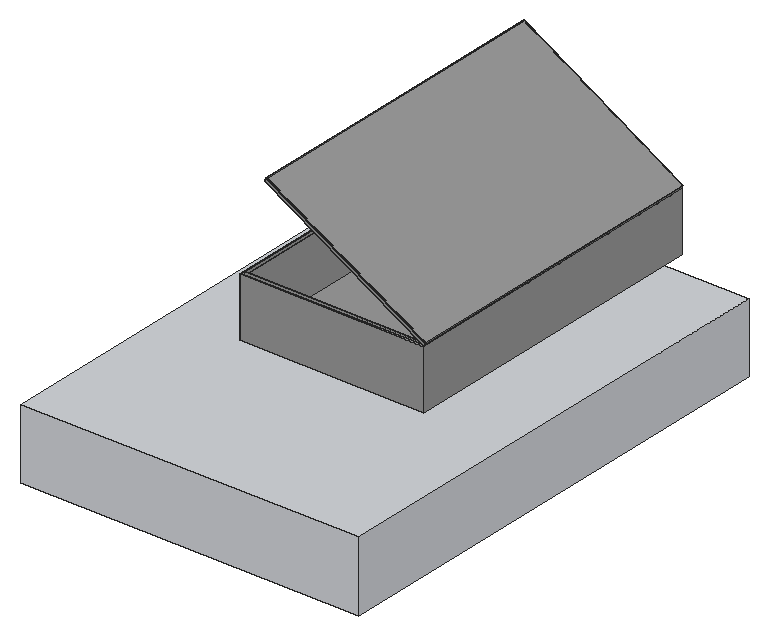
Revit family "Hager-Univers-IP55-D275-H1400-Cl.I-Steel_encl-NL-en", category Equipement électrique, Revit 2020
Family settings
  Hôte = Face
  Configuration du panneau = Deux colonnes, circuits au sein
  Cote de connecteur circulaire = Utiliser le diamètre
  Type d'élément = Tableau de raccordement
  Couper avec des vides une fois chargée = Non
  Partagée = Non
  Point de calcul de pièce = Non
Parameters (values of type "Surface mounted (plaster) IP55 W800 H1400 D275  - FR93E")
  Width Control [instance] = if([EF000008 - Width] > Min Width, [EF000008 - Width], Min Width)  # 800 mm
  Commentaires du type = [HG000003 - Range]  # "Univers"
  Thickness Door [instance] = if([EF009171 - Material plate thickness door/cover] > 3 mm, 3 mm, [EF009171 - Material plate thickness door/cover])  # 1.5 mm
  Seal Frame Offset [instance] = 17 mm  # constant formula
  Plinth Visibility [instance] = [HG000027 - Plinth height] > 0 mm  # no
  Model = ""
  Min Width [instance] = 100 mm  # constant formula
  Min Height [instance] = 100 mm  # constant formula
  Min Depth [instance] = (2 * [EF009170 - Material plate thickness cabinet]) + 1 mm  # 4 mm
  Internal Frame Depth [instance] = (Door System Depth * 0.5)  # 9 mm
  Height Control [instance] = if([EF000040 - Height] > Min Height, [EF000040 - Height], Min Height)  # 1400 mm
  HG000027 - Plinth height = 0 mm
  HG000026 - Floor standing = no
  HG000024 - Bottom section height = 800 mm
  HG000023 - Double section enclosure = no
  HG000016 - Door 3d visibility [instance] = yes
  HG000015 - Clearance visibility [instance] = no
  HG000014 - Door on the right [instance] = yes
  HG000013 - Door on the left [instance] = not([HG000014 - Door on the right])  # no
  HG000012 - Door swing angle [instance] = 30.00°
  HG000010 - Asymmetric doors = no
  HG000009 - Double swing door = no
  HG000006 - Flush mounted = no
  HG000004 - Manufacturer reference = "FR93E"
  HG000003 - Range = "Univers"
  HG000002 - With door or cover = yes
  Frame Offset Bottom [instance] = 10 mm  # constant formula
  Frame Offset [instance] = 15 mm  # constant formula
  EF015940 - Cover with overpressure release = no
  EF011959 - Degree of protection (NEMA) = ""
  EF009554 - Number of openings for flange plates = 6
  EF009212 - Cover model = "EV000116 - Closed"
  EF009171 - Material plate thickness door/cover = 1.5 mm
  EF009170 - Material plate thickness cabinet = 1.5 mm
  Fabricant = "Hager"  # constant formula
  EF008873 - Nominal current (In) = 800 A
  EF007800 - Suitable for lightning protection = no
  EF006306 - With lock = no
  EF006244 - Transparent cover/door = no
  EF005474 - Degree of protection (IP) = "EV006420 - IP55"
  EF004464 - Type of door = "EV002646 - Single"
  EF004427 - Number of modules = 324
  EF004293 - Impact strength = "EV008784 - IK10"
  EF003532 - Suitable for outdoor use = no
  EF002950 - Width in number of modular spacings = 24
  EF001613 - Circuit integrity = "EV000494 - None"
  EF001596 - Material housing = "EV000179 - Steel"
  EF001131 - Internal depth = 275 mm
  EF001088 - Extension possible = yes
  EF000437 - Number of conduit inlets = 6
  EF000339 - Type of cover = "EV004216 - Door"
  EF000266 - Number of rows = 9
  EF000218 - Built-in depth = 0 mm
  EF000118 - With mounting plate = no
  EF000116 - RAL-number = "7035"
  EF000049 - Depth = 275 mm
  EF000040 - Height = 1400 mm
  EF000008 - Width = 800 mm
  EF000007 - Colour = "EV000270 - Grey"
  EF000003 - Mounting method = "EV000384 - Surface mounted (plaster)"
  Door System Leaf Tolerance [instance] = 1.5 mm  # constant formula
  Door System Depth [instance] = 18 mm  # constant formula
  Door Height [instance] = Height Control - [HG000027 - Plinth height]  # 1400 mm
  Depth Control [instance] = if([EF000049 - Depth] > Min Depth, [EF000049 - Depth], Min Depth)  # 275 mm
  Default Elevation = 0 mm
  Connector Offset [instance] = Height Control / 2  # 700 mm
  Bottom Top Plate Trim [instance] = 1.5 mm  # constant formula
  Plinth height Ctrl [instance] = if([HG000027 - Plinth height] > 0 mm, [HG000027 - Plinth height], 12 mm)  # 12 mm
Types (5, lengths in mm): name | Width Control | HG000010 - Asymmetric doors | HG000009 - Double swing door | HG000004 - Manufacturer reference | EF009554 - Number of openings for flange plates | EF004464 - Type of door | EF004427 - Number of modules | EF000437 - Number of conduit inlets | EF000008 - Width
  Surface mounted (plaster) IP55 W1050 H1400 D275  - FR94E | 1050 | no | yes | "FR94E" | 8 | "EV003602 - Double" | 432 | 8 | 1050
  Surface mounted (plaster) IP55 W1300 H1400 D275  - FR95E | 1300 | yes | yes | "FR95E" | 10 | "EV003602 - Double" | 540 | 10 | 1300
  Surface mounted (plaster) IP55 W300 H1400 D275  - FR91E | 300 | no | no | "FR91E" | 2 | "EV002646 - Single" | 108 | 2 | 300
  Surface mounted (plaster) IP55 W550 H1400 D275  - FR92E | 550 | no | no | "FR92E" | 4 | "EV002646 - Single" | 216 | 4 | 550
  Surface mounted (plaster) IP55 W800 H1400 D275  - FR93E | 800 | no | no | "FR93E" | 6 | "EV002646 - Single" | 324 | 6 | 800
Reference planes
  plane 1 "Center (Front/Back)": y = 0
  plane 2: z = 0
  plane 3 "Center (Left/Right)": x = 0
  plane 4: z = 275
  plane 5: y = 1.5
  plane 6: y = 700
  plane 7: y = 0
  plane 8: y = 1400
  plane 9: z = 0
  plane 10: x = -385
  plane 11: x = 385
  plane 12: x = 383.5
  plane 13: x = -383.5
  plane 14: y = 1398.5
  plane 15: x = -383
  plane 16: x = -400
  plane 17: x = 383
  plane 18: x = 400
  plane 19: x = 398.5
  plane 20: x = -398.5
  plane 21: y = 11.5
  plane 22: y = 1400
  plane 23: y = 1383.5
  plane 24: z = 257
  plane 25: z = 1.5
  plane 26: z = 255.5
  plane 27: z = 273.5
Forms (mm)
  Extrusion 1, solid
    sketch origin (0, 0, 0) x (1, 0, 0) y (0, 1, 0)
      loop
        line (-702.964, 1305) -> (-702.964, -811.445) -> (766.763, -811.445) -> (766.763, 1305) -> (-702.964, 1305)
    from 0 to -304.8
  Extrusion 2, solid, material "Hager_Steel_RAL7035_Light_Grey", visible <- "Plinth Visibility", detail levels medium+fine
    sketch origin (0, 0, 0) x (1, 0, 0) y (0, 1, 0)
      loop
        line (-400, 0) -> (400, 0) -> (400, 12) -> (-400, 12) -> (-400, 0)
    from 0 to 257
  Extrusion 3, solid, material "Hager_Steel_RAL7035_Light_Grey", detail levels medium+fine
    sketch origin (0, 0, 0) x (1, 0, 0) y (0, 1, 0)
      loop
        line (-400, 0) -> (400, 0) -> (400, 1400) -> (-400, 1400) -> (-400, 0)
    from 0 to 257
  Extrusion 4, void
    sketch origin (0, 0, 0) x (1, 0, 0) y (0, 1, 0)
      loop
        line (-398.5, 1.5) -> (398.5, 1.5) -> (398.5, 1398.5) -> (-398.5, 1398.5) -> (-398.5, 1.5)
    from 1.5 to 255.5
  Extrusion 5, void
    sketch origin (-381.607, -4572, 257) x (0, -1, 0) y (-1, 0, 0)
      loop
        line (-4583.5, 1.893) -> (-5955.5, 1.893) -> (-5955.5, -765.107) -> (-4583.5, -765.107) -> (-4583.5, 1.893)
    from 0 to 1.5 <- "EF009170 - Material plate thickness cabinet"
  Extrusion 6, solid, material "Hager_Steel_RAL7035_Light_Grey", detail levels fine
    sketch origin (0, 0, 257) x (1, 0, 0) y (0, 1, 0)
      loop
        line (-383.5, 1383.5) -> (-383.5, 11.5) -> (383.5, 11.5) -> (383.5, 1383.5) -> (-383.5, 1383.5)
      loop
        line (-385, 10) -> (385, 10) -> (385, 1385) -> (-385, 1385) -> (-385, 10)
    from 0 to 9 <- "Internal Frame Depth"
  Extrusion 7, solid, material "Hager_Steel_RAL7035_Light_Grey", detail levels coarse
    sketch origin (0, 0, 0) x (1, 0, 0) y (0, 1, 0)
      loop
        line (-400, 0) -> (400, 0) -> (400, 1400) -> (-400, 1400) -> (-400, 0)
    from 0 to 275
  Sweep 8, void
    path in 3D
      loop
        line (-400, 12, 0) -> (400, 12, 0) -> (400, 12, 257) -> (-400, 12, 257) -> (-400, 12, 0)
    profile origin (-400, 12, 128.5) x (-1, 0, 0) y (0, -1, 0)
      loop
        line (0, 0) -> (0, 1.5) -> (-1.5, 1.5)
        arc (-1.5, 1.5) -> (-1.061, 0.439) -> (0, 0) r 1.5
Cuts and joins
  Extrusion 4, Extrusion 5 cuts Extrusion 3
  Sweep 8 cuts Extrusion 2
Lines and regions (mm)
  Masking region 1
    outline origin (0, 0, 0) x (1, 0, 0) y (0, 0, 1)
      loop
        line (-400, 275) -> (-400, 0) -> (400, 0) -> (400, 275) -> (-400, 275)
  Masking region 2, detail levels medium+fine
    outline origin (0, 140, 0) x (0, 1, 0) y (0, 0, 1)
      loop
        line (-140, 0) -> (1260, 0) -> (1260, 257) -> (-140, 257) -> (-140, 0)
  Masking region 3, not visible, detail levels medium+fine
    outline origin (0, 297.922, 0) x (0, 1, 0) y (0, 0, 1)
      loop
        line (413.578, 0) -> (453.578, 0) -> (453.578, 263.5)
        arc (453.578, 263.5) -> (450.649, 270.571) -> (443.578, 273.5) r 10
        line (443.578, 273.5) -> (413.578, 273.5) -> (413.578, 0)
  Masking region 4, detail levels coarse
    outline origin (0, 0, 180) x (0, 1, 0) y (0, 0, 1)
      loop
        line (0, -180) -> (1400, -180) -> (1400, 95) -> (0, 95) -> (0, -180)
  Masking region 5, visible <- "Plinth Visibility", detail levels medium+fine
    outline origin (0, 52.24, 12.345) x (0, 0, -1) y (0, 1, 0)
      loop
        line (10.845, -40.24) -> (-243.155, -40.24)
        arc (-243.155, -40.24) -> (-243.594, -41.301) -> (-244.655, -41.74) r 1.5
        line (-244.655, -41.74) -> (-244.655, -52.24) -> (12.345, -52.24) -> (12.345, -41.74)
        arc (12.345, -41.74) -> (11.285, -41.301) -> (10.845, -40.24) r 1.5
  Masking region 6, detail levels medium+fine
    outline origin (-381.607, -4572, 257) x (-1, 0, 0) y (0, -1, 0)
      loop
        line (18.393, -5972) -> (18.393, -4572) -> (-781.607, -4572) -> (-781.607, -5972) -> (18.393, -5972)
  Masking region 7, visible <- "Plinth Visibility", detail levels medium+fine
    outline origin (-381.607, -4727, 257) x (-1, 0, 0) y (0, -1, 0)
      loop
        arc (16.893, -4739) -> (17.332, -4737.939) -> (18.393, -4737.5) r 1.5
        line (18.393, -4737.5) -> (18.393, -4727) -> (-781.607, -4727) -> (-781.607, -4737.5)
        arc (-781.607, -4737.5) -> (-780.546, -4737.939) -> (-780.107, -4739) r 1.5
        line (-780.107, -4739) -> (16.893, -4739)
  Masking region 8, detail levels coarse
    outline origin (-442.548, -4669.526, 257) x (-1, 0, 0) y (0, -1, 0)
      loop
        line (-42.548, -6069.526) -> (-42.548, -4669.526) -> (-842.548, -4669.526) -> (-842.548, -6069.526) -> (-42.548, -6069.526)
  sketch lines
    curve 1: line (-400, 12, 257) -> (-400, 12, 0)
    curve 2: line (400, 12, 257) -> (-400, 12, 257)
    curve 3: line (400, 12, 257) -> (400, 12, 0)
    curve 4: line (-400, 12, 0) -> (400, 12, 0)
Dimensions and locks
  "Depth Control": plane 4 to Extrusion 1
  "HG000027 - Plinth height": plane 1 "Center (Front/Back)" to plane 7
  "EF009170 - Material plate thickness cabinet": plane 5 to plane 7
  locked: connector elem to plane 3 "Center (Left/Right)"
  equal spacing: plane 8, plane 6, plane 7
  locked: connector elem to plane 6
  "EF009170 - Material plate thickness cabinet": plane 8 to plane 14
  "EF009170 - Material plate thickness cabinet": plane 10 to plane 13
  "EF009170 - Material plate thickness cabinet": plane 12 to plane 11
  "Frame Offset": plane 20 to plane 13
  "Frame Offset": plane 12 to plane 19
  "EF009170 - Material plate thickness cabinet": plane 16 to plane 20
  "EF009170 - Material plate thickness cabinet": plane 19 to plane 18
  "Seal Frame Offset": plane 16 to plane 15
  "Seal Frame Offset": plane 17 to plane 18
  "Frame Offset Bottom": plane 21 to plane 5
  "Frame Offset": plane 14 to plane 23
  equal spacing: plane 16, plane 3 "Center (Left/Right)", plane 18
  "Width Control": plane 16 to plane 18
  "EF009170 - Material plate thickness cabinet": plane 4 to plane 27
  "EF009170 - Material plate thickness cabinet": plane 24 to plane 26
  "EF009170 - Material plate thickness cabinet": plane 25 to level
  "Door System Depth": plane 4 to plane 24
  "Height Control": plane 1 "Center (Front/Back)" to Extrusion 7 sketch curve
  "Height Control": Masking region 4 sketch curve to plane 1 "Center (Front/Back)"
  "Height Control": plane 1 "Center (Front/Back)" to plane 22
  "Bottom Top Plate Trim": profile plane to Sweep 8 sketch curve
  "Bottom Top Plate Trim": Sweep 8 sketch curve to profile plane
  "Plinth height Ctrl": plane 1 "Center (Front/Back)" to Extrusion 2 sketch curve
  "Plinth height Ctrl": Masking region 5 sketch curve to plane 1 "Center (Front/Back)"
  "Plinth height Ctrl": plane 1 "Center (Front/Back)" to Masking region 7 sketch curve
  "Thickness Door": Extrusion 6 sketch curve to Extrusion 6 sketch curve  (x3)
  "Thickness Door": cut or joined group of Extrusion 3, Extrusion 4, Extrusion 5 to Extrusion 6 sketch curve
  radius of Masking region 3 sketch curve = 10 mm
  "Bottom Top Plate Trim": radius of Masking region 5 sketch curve  (x2)
  "Bottom Top Plate Trim": radius of Sweep 8 sketch curve
  "Bottom Top Plate Trim": radius of Masking region 7 sketch curve  (x2)
  aligned and locked: plane 2 to Extrusion 1
  aligned and locked: level to Extrusion 1
  aligned and locked: level to Masking region 1 sketch curve
  aligned and locked: Masking region 1 sketch curve to plane 18
  aligned and locked: Masking region 1 sketch curve to plane 16
  aligned and locked: plane 7 to Masking region 2 sketch curve
  aligned and locked: level to Masking region 3 sketch curve
  aligned and locked: Masking region 3 sketch curve to plane 27
  aligned and locked: level to Masking region 2 sketch curve
  aligned and locked: plane 1 "Center (Front/Back)" to Extrusion 2 sketch curve
  aligned and locked: Extrusion 3 sketch curve to plane 7
  aligned and locked: plane 16 to Extrusion 3 sketch curve
  aligned and locked: plane 18 to Extrusion 3 sketch curve
  aligned and locked: plane 20 to Extrusion 4 sketch curve
  aligned and locked: plane 19 to Extrusion 4 sketch curve
  aligned and locked: Extrusion 4 sketch curve to plane 5
  aligned and locked: Extrusion 4 to plane 25
  aligned and locked: plane 26 to Extrusion 4
  aligned and locked: plane 24 to Extrusion 3
  aligned and locked: Extrusion 5 sketch curve to plane 21
  aligned and locked: Extrusion 5 sketch curve to plane 13
  aligned and locked: Extrusion 5 sketch curve to plane 12
  aligned and locked: plane 18 to Extrusion 7 sketch curve
  aligned and locked: plane 1 "Center (Front/Back)" to Extrusion 7 sketch curve
  aligned and locked: plane 16 to Extrusion 7 sketch curve
  aligned and locked: plane 4 to Extrusion 7
  aligned and locked: Extrusion 7 to level
  aligned and locked: level to Masking region 4 sketch curve
  aligned and locked: Masking region 4 sketch curve to plane 1 "Center (Front/Back)"
  aligned and locked: Masking region 4 sketch curve to plane 4
  aligned and locked: nested 1 to level
  aligned and locked: nested 1 to plane 16
  aligned and locked: plane 8 to Extrusion 3 sketch curve
  aligned and locked: plane 23 to Extrusion 5 sketch curve
  aligned and locked: plane 14 to Extrusion 4 sketch curve
  aligned and locked: Masking region 2 sketch curve to plane 8
  aligned and locked: level to Masking region 5 sketch curve
  aligned and locked: plane 16 to Extrusion 2 sketch curve
  aligned and locked: plane 18 to Extrusion 2 sketch curve
  aligned and locked: Masking region 5 sketch curve to plane 24
  aligned and locked: Masking region 2 sketch curve to plane 24
  aligned and locked: plane 24 to Extrusion 2
  aligned and locked: profile plane to Sweep 8 sketch curve  (x2)
  aligned and locked: Masking region 6 sketch curve to plane 18
  aligned and locked: Masking region 6 sketch curve to plane 22
  aligned and locked: Masking region 6 sketch curve to plane 16
  aligned and locked: plane 8 to plane 22
  aligned and locked: Masking region 6 sketch curve to plane 7
  aligned and locked: Masking region 7 sketch curve to plane 16
  aligned and locked: Masking region 7 sketch curve to plane 1 "Center (Front/Back)"
  aligned and locked: Masking region 7 sketch curve to plane 18
  aligned and locked: Masking region 8 sketch curve to plane 1 "Center (Front/Back)"
  aligned and locked: Masking region 8 sketch curve to plane 18
  aligned and locked: Masking region 8 sketch curve to plane 22
  aligned and locked: Masking region 8 sketch curve to plane 16
  aligned and locked: nested 2 to plane 7
  aligned and locked: plane 3 "Center (Left/Right)" to nested 2
  aligned and locked: nested 2 to plane 24
  aligned and locked: Extrusion 6 sketch curve to cut or joined group of Extrusion 3, Extrusion 4, Extrusion 5  (x4)
Automatic sketch dimensions
  Extrusion 1 sketch curve to Extrusion 1 sketch curve = 1469.727 mm
  Extrusion 1 sketch curve to Extrusion 1 sketch curve = 2116.445 mm
  Masking region 1 sketch curve to plane 4 = 0 mm
  plane 6 to Masking region 3 sketch curve = 11.5 mm
  Masking region 3 sketch curve to Masking region 3 sketch curve = 30 mm
  Masking region 5 sketch curve to plane 1 "Center (Front/Back)" = 0 mm
Nested families
  nested 1: "Hager_Enclosure_Symbol" at (-400, 0, 0) x (1, 0, 0) z (0, -1, 0), Height <- "Depth Control", Width <- "Width Control", type "Hager_Enclosure_Symbol"
    with Width_Ctrl 800 mm, Width 800 mm, Height_Ctrl 275 mm, Height 275 mm, A_Width_Int 18.047 mm, A_Width 216.562 mm, A_Height_Ctrl 240.625 mm, A_Height 240.625 mm
  nested 2: "EC000058_Univers_Door" at (0, 0, 257) x (1, 0, 0) z (0, 1, 0), Leaf_Tolerance <- "Door System Leaf Tolerance", Angle <- "HG000012 - Door swing angle", Door_Depth <- "Door System Depth", Door_Left <- "HG000013 - Door on the left", Transparent <- "EF006244 - Transparent cover/door", Assymetrical <- "HG000010 - Asymmetric doors", Width <- "Width Control", Clearance <- "HG000015 - Clearance visibility", Double <- "HG000009 - Double swing door", 3d_Door <- "HG000016 - Door 3d visibility", Lock_Visibility <- "EF006306 - With lock", Width_Ctrl <- "Width Control", Door_Right <- "HG000014 - Door on the right", Door <- "HG000002 - With door or cover", Height <- "Door Height", Thickness <- "Thickness Door", type "EC000058_Univers_Door", detail levels medium+fine
    with min_wh 4 mm, Width_Ctrl 800 mm, Width 800 mm, Transparent no, Thickness 1.5 mm, Seal_Material Hager_Rubber, Lock_Visibility no, Lock_Material Hager_Plastic_RAL9005_Jet_Black, Leaf_Width 800 mm, Leaf_Tolerance_External_Sides 0 mm, Leaf_Tolerance 1.5 mm, Leaf_Offset 0 mm, Leaf_Height 1397 mm, Leaf_2_Width 800 mm, Leaf_2_Offset 400 mm, Leaf_1_Width 800 mm, Leaf_1_Offset 400 mm, Height_Ctrl 1400 mm, Height 1400 mm, Glass_Material Hager_Glass, Double_Clearance_Ctrl no, Double no, Door_Right_Ctrl yes, Door_Right yes, Door_Material Hager_Steel_RAL7035_Light_Grey, Door_Left_Ctrl no, Door_Left no, Door_Depth 18 mm, Door yes, Clearance_Material Hager_Clearance, Clearance_Depth 800 mm, Clearance_Ctrl no, Clearance no, Assymetrical no, Angle 30.00°, 3d_Door yes
Connectors
  electrical at (0, 700, 0)
    settings: on plane 9, index 1, voltage 0 V, apparent load 0 VA, apparent load phase1 0 VA, apparent load phase2 0 VA, apparent load phase3 0 VA, power factor 1, load classification "Other", number of poles 1, system type 30, power factor state 1, is connector primary yes, connector utility no, sub classification motor no, connector description ""
Definition of nested family "EC000058_Univers_Door"
  Parameters (values of type "EC000058_Univers_Door")
    min_wh [instance] = (2 * Thickness) + 1 mm  # 11 mm
    Width_Ctrl [instance] = 400 mm
    Width [instance] = 500 mm
    Transparent [instance] = yes
    Thickness [instance] = 5 mm
    Seal_Material [instance] = none
    Lock_Visibility [instance] = yes
    Lock_Material [instance] = none
    Leaf_Width [instance] = if((Width_Ctrl - 2 * Leaf_Tolerance_External_Sides) > 0 mm, (Width_Ctrl - 2 * Leaf_Tolerance_External_Sides), min_wh)  # 400 mm
    Leaf_Tolerance_External_Sides [instance] = 0 mm  # constant formula
    Leaf_Tolerance [instance] = 1.5 mm
    Leaf_Offset [instance] = 0 mm  # constant formula
    Leaf_Height [instance] = if((Height_Ctrl - 2 * Leaf_Tolerance) > 0 mm, (Height_Ctrl - 2 * Leaf_Tolerance), min_wh)  # 497 mm
    Leaf_2_Width [instance] = if(and(and(Double, Assymetrical), Door_Left), (Leaf_Width / 3) - (Leaf_Tolerance / 2), if(and(and(Double, Assymetrical), Door_Right), (Leaf_Width / 3) * 2 - (Leaf_Tolerance / 2), if(and(Double, not(Assymetrical)), (Leaf_Width / 2) - Leaf_Tolerance, Leaf_Width)))  # 400 mm
    Leaf_2_Offset [instance] = if(and(Double, Assymetrical), Leaf_2_Width / 2, if(and(Double, not(Assymetrical)), Leaf_Width / 4, Leaf_Width / 2))  # 200 mm
    Leaf_1_Width [instance] = if(and(and(Double, Assymetrical), Door_Right), (Leaf_Width / 3) - (Leaf_Tolerance / 2), if(and(and(Double, Assymetrical), Door_Left), (Width / 3) * 2 - (Leaf_Tolerance / 2), if(and(Double, not(Assymetrical)), (Leaf_Width / 2) - Leaf_Tolerance, Leaf_Width)))  # 400 mm
    Leaf_1_Offset [instance] = if(and(Double, Assymetrical), Leaf_1_Width / 2, if(and(Double, not(Assymetrical)), Leaf_Width / 4, Leaf_Width / 2))  # 200 mm
    Height_Ctrl [instance] = if(Height > min_wh, Height, min_wh)  # 500 mm
    Height [instance] = 500 mm
    Glass_Material [instance] = none
    Double_Clearance_Ctrl [instance] = and(Double, Clearance)  # no
    Double [instance] = no
    Door_Right_Ctrl [instance] = and(or(Door_Right, Double), Door)  # yes
    Door_Right [instance] = yes
    Door_Material [instance] = none
    Door_Left_Ctrl [instance] = and(or(Door_Left, Double), Door)  # no
    Door_Left [instance] = no
    Door_Depth [instance] = 30 mm
    Door [instance] = yes
    Default Elevation = 1219.2 mm
    Clearance_Material [instance] = none
    Clearance_Depth [instance] = if(Leaf_1_Width > Leaf_2_Width, Leaf_1_Width, Leaf_2_Width)  # 400 mm
    Clearance_Ctrl [instance] = and(not(Double), Clearance)  # yes
    Clearance [instance] = yes
    Assymetrical [instance] = yes
    Angle [instance] = 30.00°
    3d_Door [instance] = yes
  Reference planes
    plane 1 "Center (Front/Back)": y = 0
    plane 2 "Bottom": z = 0
    plane 3 "Center (Left/Right)": x = 0
    plane 4: z = 500
    plane 5: x = -200
    plane 6: x = 200
    plane 7: z = 500
    plane 8: x = -200
    plane 9: z = 0
    plane 10: x = 200
    plane 11: y = 0
    plane 12: z = 1.5
    plane 13: x = -600
    plane 14: y = -400
    plane 15: x = 600
    plane 16: x = 0
    plane 17: x = 0
    plane 18: x = -200
    plane 19: x = 200
    plane 20: z = 498.5
  Forms (mm)
    Extrusion 1, solid, material <- "Clearance_Material", visible <- "Double_Clearance_Ctrl"
      sketch origin (1200, 0, 0) x (1, 0, 0) y (0, 0, -1)
        loop
          line (-1800, -498.5) -> (-600, -498.5) -> (-600, 0) -> (-1800, 0) -> (-1800, -498.5)
      from 0 to -400
  Dimensions and locks
    equal spacing: plane 5, plane 3 "Center (Left/Right)", plane 6
    "Width_Ctrl": plane 5 to plane 6
    "Leaf_Offset": plane 5 to plane 8
    "Leaf_Offset": plane 6 to plane 10
    "Leaf_Offset": plane 9 to level
    "Leaf_Offset": plane 4 to plane 7
    "Height_Ctrl": plane 4 to level
    "Leaf_Tolerance": plane 12 to plane 9
    locked: plane 11 to plane 1 "Center (Front/Back)"
    "Leaf_1_Offset": plane 18 to plane 16
    "Leaf_2_Offset": plane 17 to plane 19
    "Leaf_1_Width": plane 13 to plane 8
    "Leaf_2_Width": plane 10 to plane 15
    "Clearance_Depth": plane 14 to plane 1 "Center (Front/Back)"
    "Leaf_Tolerance_External_Sides": plane 8 to plane 18
    "Leaf_Tolerance_External_Sides": plane 19 to plane 10
    "Leaf_Tolerance": plane 7 to plane 20
    aligned and locked: level to plane 2 "Bottom"
    aligned and locked: nested 1 to plane 16
    aligned and locked: nested 2 to plane 17
    aligned and locked: Extrusion 1 to plane 13
    aligned and locked: plane 15 to Extrusion 1
    aligned and locked: Extrusion 1 to plane 14
    aligned and locked: plane 12 to nested 1
    aligned and locked: nested 2 to plane 12
    aligned and locked: Extrusion 1 to plane 11
    aligned and locked: plane 20 to Extrusion 1
    aligned and locked: nested 2 to plane 11
    aligned and locked: nested 1 to plane 11
  Automatic sketch dimensions
    Extrusion 1 sketch curve to level = 0 mm
    plane 5 to Extrusion 1 sketch curve = 400 mm
    plane 6 to Extrusion 1 sketch curve = 400 mm
    Extrusion 1 sketch curve to plane 4 = 1.5 mm
  Nested families
    nested 1: "EC000058_Univers_Door_Leaf" at (0, 0, 1.5), Width <- "Leaf_1_Width", visible <- "Door_Left_Ctrl", Leaf_Height <- "Leaf_Height", Angle <- "Angle", 3d_Door <- "3d_Door", Transparent <- "Transparent", Clearance Material <- "Clearance_Material", Clearance <- "Clearance_Ctrl", Door_Material <- "Door_Material", Glass_Material <- "Glass_Material", Door_Depth <- "Door_Depth", Lock_Material <- "Lock_Material", Seal_Material <- "Seal_Material", Lock_Visibility <- "Lock_Visibility", Thickness <- "Thickness", type "EC000058_Univers_Door_Leaf"
      with Width 400 mm, Transparent_Glass_Offset 30 mm, Transparent_Ctrl yes, Transparent yes, Thickness 5 mm, Standard no, Seal_Material none, Seal_D2 8 mm, Seal_D1 1 mm, Offset_Internal_Frame 10 mm, Lock_Width 20 mm, Lock_Visibility_3d yes, Lock_Visibility yes, Lock_Thickness_3 3 mm, Lock_Thickness_2 1 mm, Lock_Thickness_1 3 mm, Lock_Radius_Offset_2 16 mm, Lock_Radius_Offset_1 15 mm, Lock_Radius_2 5 mm, Lock_Radius 6 mm, Lock_Offset 5 mm, Lock_Material none, Lock_Height 80 mm, Lock_Cover_Top_Offset_2d 17 mm, Lock_Cover_Height -65 mm, Leaf_Height 497 mm, Internal_Seal_Thickness 8 mm, Internal_Seal_Depth_2 4.5 mm, Internal_Frame_Depth 25 mm, Glass_Thickness -1 mm, Glass_Offset -2 mm, Glass_Material none, Door_Material none, Door_Depth 30 mm, Clearance Material none, Clearance yes, Angle_Ctrl 30.00°, Angle 30.00°, 3d_Door yes
    nested 2: "EC000058_Univers_Door_Leaf" at (0, 0, 1.5) x (-1, 0, 0) z (0, 0, 1), Width <- "Leaf_2_Width", visible <- "Door_Right_Ctrl", Leaf_Height <- "Leaf_Height", Angle <- "Angle", 3d_Door <- "3d_Door", Transparent <- "Transparent", Clearance Material <- "Clearance_Material", Clearance <- "Clearance_Ctrl", Door_Material <- "Door_Material", Glass_Material <- "Glass_Material", Door_Depth <- "Door_Depth", Lock_Material <- "Lock_Material", Seal_Material <- "Seal_Material", Lock_Visibility <- "Lock_Visibility", Thickness <- "Thickness", type "EC000058_Univers_Door_Leaf"
      with Width 400 mm, Transparent_Glass_Offset 30 mm, Transparent_Ctrl yes, Transparent yes, Thickness 5 mm, Standard no, Seal_Material none, Seal_D2 8 mm, Seal_D1 1 mm, Offset_Internal_Frame 10 mm, Lock_Width 20 mm, Lock_Visibility_3d yes, Lock_Visibility yes, Lock_Thickness_3 3 mm, Lock_Thickness_2 1 mm, Lock_Thickness_1 3 mm, Lock_Radius_Offset_2 16 mm, Lock_Radius_Offset_1 15 mm, Lock_Radius_2 5 mm, Lock_Radius 6 mm, Lock_Offset 5 mm, Lock_Material none, Lock_Height 80 mm, Lock_Cover_Top_Offset_2d 17 mm, Lock_Cover_Height -65 mm, Leaf_Height 497 mm, Internal_Seal_Thickness 8 mm, Internal_Seal_Depth_2 4.5 mm, Internal_Frame_Depth 25 mm, Glass_Thickness -1 mm, Glass_Offset -2 mm, Glass_Material none, Door_Material none, Door_Depth 30 mm, Clearance Material none, Clearance yes, Angle_Ctrl 30.00°, Angle 30.00°, 3d_Door yes
  Definition of nested family "EC000058_Univers_Door_Leaf"
    Parameters (values of type "EC000058_Univers_Door_Leaf")
      Width [instance] = 2000 mm
      Transparent_Glass_Offset [instance] = 30 mm
      Transparent_Ctrl [instance] = and(Transparent, [3d_Door])  # yes
      Transparent [instance] = yes
      Thickness [instance] = 5 mm
      Standard [instance] = and(not(Transparent), [3d_Door])  # no
      Seal_Material [instance] = none
      Seal_D2 [instance] = 8 mm  # constant formula
      Seal_D1 [instance] = 1 mm  # constant formula
      Offset_Internal_Frame [instance] = 10 mm  # constant formula
      Lock_Width [instance] = 20 mm  # constant formula
      Lock_Visibility_3d [instance] = and(Lock_Visibility, [3d_Door])  # yes
      Lock_Visibility [instance] = yes
      Lock_Thickness_3 [instance] = 3 mm  # constant formula
      Lock_Thickness_2 [instance] = 1 mm  # constant formula
      Lock_Thickness_1 [instance] = 3 mm  # constant formula
      Lock_Radius_Offset_2 [instance] = Lock_Radius_Offset_1 + 1 mm  # 16 mm
      Lock_Radius_Offset_1 [instance] = 15 mm  # constant formula
      Lock_Radius_2 [instance] = Lock_Radius - 1 mm  # 5 mm
      Lock_Radius [instance] = 6 mm  # constant formula
      Lock_Offset [instance] = 5 mm  # constant formula
      Lock_Material [instance] = none
      Lock_Height [instance] = 80 mm  # constant formula
      Lock_Cover_Top_Offset_2d [instance] = Lock_Radius_Offset_2 + 1 mm  # 17 mm
      Lock_Cover_Height [instance] = -(Lock_Height - Lock_Radius_Offset_1)  # -65 mm
      Leaf_Height [instance] = 2720.336 mm
      Internal_Seal_Thickness [instance] = 8 mm  # constant formula
      Internal_Seal_Depth_2 [instance] = 4.5 mm  # constant formula
      Internal_Frame_Depth [instance] = if(Door_Depth - Thickness > 5 mm, Door_Depth - Thickness, 5 mm)  # 25 mm
      Glass_Thickness [instance] = if(Thickness > 15 mm, Glass_Offset + 10 mm, -1 mm)  # -1 mm
      Glass_Offset [instance] = if(Thickness > 15 mm, -(Thickness + 10 mm) / 2, -2 mm)  # -2 mm
      Glass_Material [instance] = none
      Door_Material [instance] = none
      Door_Depth [instance] = 30 mm
      Default Elevation = 0 mm
      Clearance Material [instance] = none
      Clearance [instance] = yes
      Angle_Ctrl [instance] = if(Angle > 180.00°, 180.00°, Angle)  # 90.00°
      Angle [instance] = 90.00°
      3d_Door [instance] = yes
    Reference planes
      plane 1 "Center (Front/Back)": y = 0
      plane 2: z = 0
      plane 3 "Center (Left/Right)": x = 0
      plane 4: y = 2000
      plane 5: x = -1000
      plane 6: x = 1000
      plane 7: x = -3000
      plane 8: z = 2720.336
      plane 9: z = 30
      plane 10: z = 2690.336
      plane 11: x = 970
      plane 12: x = -970
      plane 13: y = -3
      plane 14: z = 107.833
      plane 15: y = -5
      plane 16: y = -223.314
      plane 17: x = -1000
      plane 18: z = 1360.168
      plane 19: y = 30
    Forms (mm)
      Extrusion 1, solid, material <- "Clearance Material", visible <- "Clearance"
        sketch origin (0, 0, 0) x (1, 0, 0) y (0, 0, 1)
          loop
            line (-3000, 2720.336) -> (-3000, 0) -> (1000, 0) -> (1000, 2720.336) -> (-3000, 2720.336)
        from 0 to -2000
      Extrusion 2, solid, material <- "Door_Material", visible <- "Standard", detail levels medium+fine
        sketch origin (-1000, 0, 0) x (0, 1, 0) y (-1, 0, 0)
          loop
            line (0, 30) -> (0, 25) -> (2000, 25) -> (2000, 30) -> (0, 30)
        from 0 to 2720.336 <- "Leaf_Height"
      Extrusion 3, solid, material <- "Door_Material", visible <- "Transparent_Ctrl", detail levels medium+fine
        sketch origin (-1000, 0, 0) x (0, 1, 0) y (-1, 0, 0)
          loop
            line (0, 25) -> (2000, 25) -> (2000, 30) -> (0, 30) -> (0, 25)
        from 0 to 2720.336 <- "Leaf_Height"
      Extrusion 4, void
        sketch origin (-1025, 2000, 0) x (0, 1, 0) y (0, 0, -1)
          loop
            line (-30, -2690.336) -> (-30, -30) -> (-1970, -30) -> (-1970, -2690.336) -> (-30, -2690.336)
        from 0 to 5 <- "Thickness"
      Sweep 5, solid, material <- "Seal_Material", visible <- "Transparent_Ctrl", detail levels fine
        path in 3D
          loop
            line (-1025, 30, 30) -> (-1025, 30, 2690.336) -> (-1025, 1970, 2690.336) -> (-1025, 1970, 30) -> (-1025, 30, 30)
        profile origin (-1025, 1000, 30) x (1, 0, 0) y (0, 0, 1)
          loop
            line (0, 0) -> (0, -8) -> (1, -8) -> (1, 0) -> (0, 0)
      Extrusion 6, solid, material <- "Glass_Material", visible <- "Transparent_Ctrl", detail levels medium+fine
        sketch origin (-1030, 0, 0) x (0, 1, 0) y (0, 0, -1)
          loop
            line (1970, -2690.336) -> (1970, -30) -> (30, -30) -> (30, -2690.336) -> (1970, -2690.336)
        from -2 <- "Glass_Offset" to -1 <- "Glass_Thickness"
      Extrusion 7, solid, material <- "Door_Material", visible <- "3d_Door", detail levels medium+fine
        sketch origin (-1025, 2000, 0) x (0, -1, 0) y (0, 0, -1)
          loop
            line (0, -2720.336) -> (2000, -2720.336) -> (2000, 0) -> (0, 0) -> (0, -2720.336)
          loop
            line (1995, -5) -> (5, -5) -> (5, -2715.336) -> (1995, -2715.336) -> (1995, -5)
        from 0 to 25 <- "Internal_Frame_Depth"
      Sweep 8, solid, material <- "Seal_Material", visible <- "Transparent_Ctrl", detail levels fine
        path in 3D
          loop
            line (-1025, 0, 0) -> (-1025, 2000, 0) -> (-1025, 2000, 2720.336) -> (-1025, 0, 2720.336) -> (-1025, 0, 0)
        profile origin (-1025, 0, 1360.168) x (1, 0, 0) y (0, 1, 0)
          loop
            line (0, 10) -> (2.975, 10)
            arc (2.975, 10) -> (4.053, 10.447) -> (4.5, 11.525) r 1.525
            line (4.5, 11.525) -> (4.5, 16.527)
            arc (4.5, 16.527) -> (4.069, 17.569) -> (3.027, 18) r 1.473
            line (3.027, 18) -> (0, 18) -> (0, 10)
      Extrusion 9, solid, material <- "Lock_Material", visible <- "Lock_Visibility_3d", detail levels fine
        sketch origin (-1030, 0, 0) x (0, 1, 0) y (0, 0, -1)
          loop
            arc (1993.5, -1400.168) -> (1994.561, -1399.729) -> (1995, -1398.668) r 1.5
            line (1995, -1398.668) -> (1995, -1320.168) -> (1975, -1320.168) -> (1975, -1398.668)
            arc (1975, -1398.668) -> (1975.439, -1399.729) -> (1976.5, -1400.168) r 1.5
            line (1976.5, -1400.168) -> (1993.5, -1400.168)
        from 3 <- "Lock_Thickness_1" to 0
      Blend 10, solid, material <- "Lock_Material", visible <- "Lock_Visibility_3d", detail levels fine
        base sketch origin (-1033, 0, 0) x (0, 1, 0) y (0, 0, -1)
          loop
            line (1975, -1320.168) -> (1975, -1398.668)
            arc (1975, -1398.668) -> (1975.439, -1399.729) -> (1976.5, -1400.168) r 1.5
            line (1976.5, -1400.168) -> (1993.5, -1400.168)
            arc (1993.5, -1400.168) -> (1994.561, -1399.729) -> (1995, -1398.668) r 1.5
            line (1995, -1398.668) -> (1995, -1320.168) -> (1975, -1320.168)
        top sketch origin (-1033, 0, 0) x (0, 1, 0) y (0, 0, -1)
          loop
            line (1976, -1320.168) -> (1976, -1398.668)
            arc (1976, -1398.668) -> (1976.146, -1399.022) -> (1976.5, -1399.168) r 0.5
            line (1976.5, -1399.168) -> (1993.5, -1399.168)
            arc (1993.5, -1399.168) -> (1993.854, -1399.022) -> (1994, -1398.668) r 0.5
            line (1994, -1398.668) -> (1994, -1320.168) -> (1976, -1320.168)
        from 0 to 1 <- "Lock_Thickness_2"
      Blend 11, solid, material <- "Lock_Material", visible <- "Lock_Visibility_3d", detail levels fine
        base sketch origin (-1034, 0, 0) x (0, 1, 0) y (0, 0, -1)
          loop
            line (1978, -1320.168) -> (1978, -1384.168)
            arc (1978, -1384.168) -> (1985, -1391.168) -> (1992, -1384.168) r 7
            line (1992, -1384.168) -> (1992, -1320.168) -> (1978, -1320.168)
        top sketch origin (-1034, 0, 0) x (0, 1, 0) y (0, 0, -1)
          loop
            line (1991, -1320.168) -> (1979, -1320.168) -> (1979, -1383.168)
            arc (1979, -1383.168) -> (1985, -1389.168) -> (1991, -1383.168) r 6
            line (1991, -1383.168) -> (1991, -1320.168)
        from 0 to 3 <- "Lock_Thickness_3"
      Extrusion 12, solid, material <- "Lock_Material", visible <- "Lock_Visibility_3d", detail levels fine
        sketch origin (-1030, 1975, 1320.168) x (1, 0, 0) y (0, -1, 0)
          loop
            line (-7, -19) -> (-7, -1) -> (0, -1) -> (0, 0) -> (-8, 0) -> (-8, -20) -> (0, -20) -> (0, -19) -> (-7, -19)
        from 0 to -65 <- "Lock_Cover_Height"
      Extrusion 13, void
        sketch origin (-1038, 1995, 1320.168) x (-1, 0, 0) y (0, 0, -1)
          loop
            line (-5, -65) -> (0, -65) -> (-5, -60) -> (-5, -65)
        from 0 to 20 <- "Lock_Width"
      Extrusion 14, void
        sketch origin (-1038, 1975, 1320.168) x (0, -1, 0) y (0, 0, -1)
          loop
            circle (-10, -15.995) r 6
          loop
            circle (-10, -15.995) r 5
        from 0 to 2
      Extrusion 15, solid, material <- "Lock_Material", visible <- "Lock_Visibility_3d", detail levels medium
        sketch origin (-1030, 0, 0) x (0, 1, 0) y (0, 0, -1)
          loop
            arc (1993.5, -1400.168) -> (1994.561, -1399.729) -> (1995, -1398.668) r 1.5
            line (1995, -1398.668) -> (1995, -1320.168) -> (1975, -1320.168) -> (1975, -1398.668)
            arc (1975, -1398.668) -> (1975.439, -1399.729) -> (1976.5, -1400.168) r 1.5
            line (1976.5, -1400.168) -> (1993.5, -1400.168)
        from 8 to 0
    Cuts and joins
      Extrusion 4 cuts Extrusion 3
      Extrusion 13, Extrusion 14 cuts Extrusion 9
      Extrusion 14 cuts Blend 11
      Extrusion 13, Extrusion 14 cuts Extrusion 12
      joined: Extrusion 9, Blend 10, Blend 11, Extrusion 12
      Extrusion 14 cuts Extrusion 15
    Lines and regions (mm)
      Masking region 1, visible <- "Lock_Visibility", detail levels fine
        outline origin (0, 0, 0) x (0, 1, 0) y (0, 0, 1)
          loop
            line (30, 1320.168) -> (33, 1320.168) -> (33, 1400.168) -> (30, 1400.168) -> (30, 1320.168)
      Masking region 2, visible <- "Lock_Visibility", detail levels fine
        outline origin (0, 3.143, 0) x (0, 1, 0) y (0, 0, 1)
          loop
            line (29.857, 1354.168) -> (30.857, 1354.168) -> (30.857, 1366.168) -> (29.857, 1366.168) -> (29.857, 1354.168)
      Masking region 3, detail levels medium+fine
        outline origin (0, 0, 0) x (0, 1, 0) y (0, 0, 1)
          loop
            line (0, 0) -> (30, 0) -> (30, 2720.336) -> (0, 2720.336) -> (0, 0)
      Masking region 4, detail levels medium+fine
        outline origin (0, 0, 0) x (1, 0, 0) y (0, 0, 1)
          loop
            line (-1000, 2720.336) -> (-1000, 0) -> (1000, 0) -> (1000, 2720.336) -> (-1000, 2720.336)
      Masking region 5, visible <- "Lock_Visibility", detail levels fine
        outline origin (-47.116, 0, 0) x (1, 0, 0) y (0, 0, 1)
          loop
            arc (1024.616, 1399.168) -> (1023.556, 1398.729) -> (1023.116, 1397.668) r 1.5
            line (1023.116, 1397.668) -> (1023.116, 1320.168) -> (1041.116, 1320.168) -> (1041.116, 1397.668)
            arc (1041.116, 1397.668) -> (1040.677, 1398.729) -> (1039.616, 1399.168) r 1.5
            line (1039.616, 1399.168) -> (1024.616, 1399.168)
      Masking region 6, visible <- "Lock_Visibility", detail levels medium+fine
        outline origin (-25, 0, 0) x (1, 0, 0) y (0, 0, 1)
          loop
            arc (1001.5, 1400.168) -> (1000.439, 1399.729) -> (1000, 1398.668) r 1.5
            line (1000, 1398.668) -> (1000, 1320.168) -> (1020, 1320.168) -> (1020, 1398.668)
            arc (1020, 1398.668) -> (1019.561, 1399.729) -> (1018.5, 1400.168) r 1.5
            line (1018.5, 1400.168) -> (1001.5, 1400.168)
      Masking region 7, visible <- "Lock_Visibility", detail levels fine
        outline origin (-73.735, 0, 0) x (1, 0, 0) y (0, 0, 1)
          loop
            line (1051.735, 1382.168) -> (1065.735, 1382.168) -> (1065.735, 1384.168)
            arc (1065.735, 1384.168) -> (1058.735, 1391.168) -> (1051.735, 1384.168) r 7
            line (1051.735, 1384.168) -> (1051.735, 1382.168)
      Masking region 8, visible <- "Lock_Visibility", detail levels fine
        outline origin (-73.735, 0, 0) x (1, 0, 0) y (0, 0, 1)
          loop
            line (1052.735, 1382.168) -> (1064.735, 1382.168) -> (1064.735, 1383.168)
            arc (1064.735, 1383.168) -> (1058.735, 1389.168) -> (1052.735, 1383.168) r 6
            line (1052.735, 1383.168) -> (1052.735, 1382.168)
      Masking region 9, visible <- "Lock_Visibility", detail levels fine
        outline origin (-25, 0, 0) x (1, 0, 0) y (0, 0, 1)
          loop
            line (1020, 1320.168) -> (1020, 1382.168) -> (1000, 1382.168) -> (1000, 1320.168) -> (1020, 1320.168)
      Masking region 10, detail levels medium+fine
        outline origin (0, 0, 0) x (1, 0, 0) y (0, 0, 1)
          loop
            circle (985, 1335.144) r 6
      Masking region 11, detail levels fine
        outline origin (0, 0, 0) x (1, 0, 0) y (0, 0, 1)
          loop
            circle (985, 1335.144) r 5
      Masking region 12, visible <- "Lock_Visibility", detail levels fine
        outline origin (0, 12.767, 0) x (0, 1, 0) y (0, 0, 1)
          loop
            line (20.233, 1320.168) -> (21.233, 1320.168) -> (21.233, 1399.168) -> (20.233, 1400.168) -> (20.233, 1320.168)
      Masking region 13, visible <- "Lock_Visibility", detail levels fine
        outline origin (0, 13.767, -10) x (0, 1, 0) y (0, 0, 1)
          loop
            line (20.233, 1330.168) -> (23.233, 1330.168) -> (23.233, 1399.168) -> (20.233, 1402.168) -> (20.233, 1330.168)
      Masking region 14, visible <- "Lock_Visibility", detail levels fine
        outline origin (0, 12.767, -10) x (0, 1, 0) y (0, 0, 1)
          loop
            line (20.233, 1330.168) -> (25.233, 1330.168) -> (25.233, 1399.305) -> (20.233, 1394.305) -> (20.233, 1330.168)
      Masking region 15, visible <- "Lock_Visibility", detail levels medium
        outline origin (0, 0, 0) x (0, 1, 0) y (0, 0, 1)
          loop
            line (30, 1320.168) -> (38, 1320.168) -> (38, 1400.168) -> (30, 1400.168) -> (30, 1320.168)
      Masking region 16, visible <- "Lock_Visibility", detail levels fine
        outline origin (-1000, 0, 0) x (0, 1, 0) y (-1, 0, 0)
          loop
            line (1975, 30) -> (1995, 30) -> (1995, 38) -> (1975, 38) -> (1975, 30)
          loop
            line (1979, 37) -> (1976, 37) -> (1976, 34) -> (1978, 34) -> (1979, 37)
          loop
            line (1994, 37) -> (1991, 37) -> (1992, 34) -> (1994, 34) -> (1994, 37)
      Masking region 17, visible <- "Lock_Visibility", detail levels medium
        outline origin (-1000, 0, 0) x (0, 1, 0) y (-1, 0, 0)
          loop
            line (1975, 30) -> (1995, 30) -> (1995, 38) -> (1975, 38) -> (1975, 30)
      symbolic lines
        curve 1: line (1000, 0, 0) -> (-3000, 0, 0)
        curve 2: arc (1000, 0, 0) -> (-1000, 2000, 0) -> (-3000, 0, 0) r 2000
        curve 4: line (-1030, 0, 0) -> (-1030, 2000, 0)
      reference lines
        curve 3: line (-1000, 0, 0) -> (-1000, 2000, 0)
      symbolic lines, detail levels medium+fine
        curve 5: line (-1030, 2000, 0) -> (-1025, 2000, 0)
        curve 7: line (-1025, 0, 0) -> (-1030, 0, 0)
        curve 8: line (-1025, 0, 0) -> (-1000, 0, 0)
        curve 9: line (-1000, 0, 0) -> (-1000, 2000, 0)
        curve 10: line (-1000, 2000, 0) -> (-1025, 2000, 0)
      symbolic lines, detail levels fine
        curve 6: line (-1025, 2000, 0) -> (-1025, 0, 0)
      sketch lines
        curve 11: line (-1025, 0, 2720.336) -> (-1025, 0, 0)
        curve 12: line (-1025, 2000, 0) -> (-1025, 0, 0)
        curve 13: line (-1025, 2000, 2720.336) -> (-1025, 2000, 0)
        curve 14: line (-1025, 0, 2720.336) -> (-1025, 2000, 2720.336)
        curve 15: line (-1025, 1970, 30) -> (-1025, 30, 30)
        curve 16: line (-1025, 30, 30) -> (-1025, 30, 2690.336)
        curve 17: line (-1025, 1970, 2690.336) -> (-1025, 1970, 30)
        curve 18: line (-1025, 30, 2690.336) -> (-1025, 1970, 2690.336)
      symbolic lines, visible <- "Transparent", detail levels medium+fine
        curve 19: line (-970, 0, 2690.336) -> (970, 0, 2690.336)
        curve 20: line (-970, 0, 30) -> (-970, 0, 2690.336)
        curve 21: line (970, 0, 30) -> (-970, 0, 30)
        curve 22: line (970, 0, 2690.336) -> (970, 0, 30)
    Dimensions and locks
      "Width": plane 1 "Center (Front/Back)" to plane 4
      equal spacing: plane 5, plane 3 "Center (Left/Right)", plane 6
      "Width": plane 5 to plane 6
      "Width": plane 7 to plane 5
      "Leaf_Height": plane 8 to level
      "Width": curve 5 to curve 3
      "Width": curve 3 to curve 3
      plane 8 to plane 10 = 30 mm
      plane 9 to level = 30 mm
      plane 12 to plane 5 = 30 mm
      plane 6 to plane 11 = 30 mm
      Extrusion 1 to Extrusion 4 sketch curve = 30 mm
      "Transparent_Glass_Offset": curve 3 to Extrusion 4 sketch curve
      "Transparent_Glass_Offset": Extrusion 4 sketch curve to cut or joined group of Extrusion 3, Extrusion 4  (x2)
      cut or joined group of Extrusion 3, Extrusion 4 to Extrusion 6 sketch curve = 30 mm
      "Transparent_Glass_Offset": cut or joined group of Extrusion 3, Extrusion 4 to Extrusion 4 sketch curve
      "Thickness": curve 6 to curve 4
      "Thickness": Extrusion 7 sketch curve to Extrusion 7 sketch curve  (x4)
      "Door_Depth": curve 4 to curve 3
      "Offset_Internal_Frame": profile plane to Sweep 8 sketch curve
      "Internal_Seal_Thickness": Sweep 8 sketch curve to Sweep 8 sketch curve
      "Internal_Seal_Depth_2": profile plane to Sweep 8 sketch curve
      "Seal_D1": profile plane to Sweep 5 sketch curve
      "Seal_D2": profile plane to Sweep 5 sketch curve
      "Thickness": Extrusion 2 sketch curve to Extrusion 2 sketch curve
      equal spacing: Extrusion 9 sketch curve, plane 18, Extrusion 9 sketch curve  (x2)
      equal spacing: Masking region 1 sketch curve, plane 18, Masking region 1 sketch curve
      "Lock_Height": Masking region 1 sketch curve to Masking region 1 sketch curve
      "Lock_Radius": Masking region 2 sketch curve to plane 18 to Masking region 2 sketch curve
      Masking region 2 sketch curve to Masking region 1 = 1 mm
      "Door_Depth": plane 19 to plane 1 "Center (Front/Back)"
      "Lock_Thickness_1": Masking region 1 sketch curve to plane 19
      "Lock_Width": Extrusion 9 sketch curve to Extrusion 9 sketch curve
      "Lock_Height": Extrusion 9 sketch curve to Extrusion 9 sketch curve
      "Lock_Offset": cut or joined group of Extrusion 3, Extrusion 4 to Extrusion 9 sketch curve
      equal spacing: plane 8, plane 18, level
      "Lock_Radius_Offset_1": Blend 11 sketch curve to Blend 10
      locked: Blend 10 to Blend 11 sketch curve at 2  (x2)
      locked: var sketch to Blend 11 sketch curve at 1  (x2)
      "Lock_Radius_Offset_2": Blend 11 sketch curve to Blend 10
      locked: Extrusion 12 sketch curve to Extrusion 12 sketch curve at 1  (x3)
      Masking region 6 sketch curve to Masking region 6 sketch curve = 80 mm
      "Lock_Height": Masking region 6 sketch curve to Masking region 6 sketch curve
      "Lock_Width": Masking region 6 sketch curve to Masking region 6 sketch curve
      locked: Masking region 6 to Masking region 5 sketch curve at 1  (x3)
      locked: Masking region 5 to Masking region 7 sketch curve at 2  (x2)
      "Lock_Radius_Offset_1": Masking region 5 to Masking region 7 sketch curve
      "Lock_Radius_Offset_2": Masking region 5 to Masking region 8 sketch curve
      locked: Masking region 7 to Masking region 8 sketch curve at 1  (x2)
      "Lock_Cover_Top_Offset_2d": Masking region 5 to Masking region 9 sketch curve
      equal spacing: Masking region 9, Masking region 10 sketch curve, Masking region 9
      equal spacing: Masking region 9, Masking region 11 sketch curve, Masking region 9
      Extrusion 15 sketch curve to Extrusion 15 sketch curve = 80 mm
      "Lock_Width": Extrusion 15 sketch curve to Extrusion 15 sketch curve
      "Lock_Height": Extrusion 15 sketch curve to Extrusion 15 sketch curve
      equal spacing: Extrusion 15 sketch curve, plane 18, Extrusion 15 sketch curve
      "Lock_Thickness_3": Masking region 13 sketch curve to Masking region 13 sketch curve
      "Lock_Height": Masking region 12 sketch curve to Masking region 12 sketch curve
      locked: Masking region 13 sketch curve to Masking region 1 at 8
      locked: Masking region 14 sketch curve to Masking region 13 at 1
      locked: Masking region 14 sketch curve to Masking region 1 at 10.863
      "Lock_Height": Masking region 15 sketch curve to Masking region 15 sketch curve
      "Lock_Offset": Extrusion 15 sketch curve to cut or joined group of Extrusion 3, Extrusion 4
      "Lock_Offset": plane 6 to Masking region 6 sketch curve
      radius of Sweep 8 sketch curve = 1.525 mm
      radius of Sweep 8 sketch curve = 1.473 mm
      radius of Extrusion 9 sketch curve = 1.5 mm  (x2)
      "Lock_Radius": radius of Extrusion 14 sketch curve
      "Lock_Radius_2": radius of Extrusion 14 sketch curve
      "Lock_Radius": radius of Masking region 10 sketch curve
      "Lock_Radius_2": radius of Masking region 11 sketch curve
      radius of Extrusion 15 sketch curve = 1.5 mm  (x2)
      "Angle_Ctrl": angle plane 1 "Center (Front/Back)" to curve 3
      locked: Masking region 12 sketch curve to Masking region 12 sketch curve (angle 45.00°)
      locked: Masking region 13 sketch curve to Masking region 13 sketch curve (angle 45.00°)
      locked: Masking region 14 sketch curve to Masking region 14 sketch curve (angle 45.00°)
      aligned and locked: level to plane 2
      aligned and locked: Extrusion 1 to curve 1
      aligned and locked: plane 6 to Extrusion 1
      aligned and locked: Extrusion 1 to plane 1 "Center (Front/Back)"
      aligned and locked: plane 4 to Extrusion 1
      aligned and locked: plane 8 to Extrusion 1
      aligned and locked: curve 7 to Extrusion 2 sketch curve
      aligned and locked: curve 5 to Extrusion 2 sketch curve
      aligned and locked: curve 7 to Extrusion 3 sketch curve
      aligned and locked: Extrusion 3 sketch curve to curve 4
      aligned and locked: Extrusion 3 sketch curve to curve 6
      aligned and locked: Extrusion 3 sketch curve to curve 5
      aligned and locked: curve 9 to curve 3
      aligned and locked: Extrusion 7 sketch curve to cut or joined group of Extrusion 3, Extrusion 4  (x4)
      aligned and locked: plane 17 to curve 3
      aligned and locked: plane 1 "Center (Front/Back)" to curve 3
      aligned and locked: plane 17 to plane 5
      aligned and locked: Sweep 8 sketch curve to profile plane
      aligned and locked: Sweep 5 sketch curve to profile plane  (x2)
      aligned and locked: Masking region 1 to Masking region 2 sketch curve
      aligned and locked: plane 19 to Masking region 1 sketch curve
      aligned and locked: plane 1 "Center (Front/Back)" to Masking region 3 sketch curve
      aligned and locked: plane 19 to Masking region 3 sketch curve
      aligned and locked: level to Masking region 3 sketch curve
      aligned and locked: Masking region 3 sketch curve to plane 8
      aligned and locked: plane 17 to Masking region 4 sketch curve
      aligned and locked: level to Masking region 4 sketch curve
      aligned and locked: Masking region 4 sketch curve to plane 8
      aligned and locked: plane 12 to curve 20
      aligned and locked: plane 10 to curve 19
      aligned and locked: plane 11 to curve 22
      aligned and locked: curve 21 to plane 9
      aligned and locked: Extrusion 2 sketch curve to cut or joined group of Extrusion 3, Extrusion 4
      aligned and locked: Blend 10 sketch curve to Extrusion 9  (x4)
      aligned and locked: Extrusion 9 to Blend 10 sketch curve
      aligned and locked: Blend 10 to Blend 11 sketch curve
      aligned and locked: Extrusion 12 sketch curve to Blend 11
      aligned and locked: Extrusion 12 sketch curve to Extrusion 9  (x4)
      aligned and locked: Masking region 5 sketch curve to Masking region 6
      aligned and locked: Masking region 9 sketch curve to Masking region 6  (x3)
      aligned and locked: Masking region 12 sketch curve to Masking region 1
      aligned and locked: Masking region 13 sketch curve to Masking region 1
      aligned and locked: Masking region 12 to Masking region 14
      aligned and locked: Masking region 14 sketch curve to Masking region 1
      aligned and locked: Masking region 15 sketch curve to Masking region 14
      aligned and locked: Masking region 13 sketch curve to Masking region 12
      aligned and locked: Masking region 16 sketch curve to cut or joined group of Extrusion 14, Extrusion 15  (x4)
      aligned and locked: Masking region 16 sketch curve to cut or joined group of Extrusion 9, Blend 10, Blend 11, Extrusion 12, Extrusion 13, Extrusion 14  (x6)
      aligned and locked: cut or joined group of Extrusion 9, Blend 10, Blend 11, Extrusion 12, Extrusion 13, Extrusion 14 to Masking region 16 sketch curve
      aligned and locked: Masking region 17 sketch curve to cut or joined group of Extrusion 14, Extrusion 15  (x3)
      aligned and locked: Masking region 17 sketch curve to cut or joined group of Extrusion 9, Blend 10, Blend 11, Extrusion 12, Extrusion 13, Extrusion 14
      aligned and locked: Masking region 9 to Masking region 8 sketch curve
      aligned and locked: Masking region 9 to Masking region 7 sketch curve
    Automatic sketch dimensions
      plane 1 "Center (Front/Back)" to curve 2 = 0 mm
      curve 2 to plane 5 = 0 mm
      Extrusion 1 sketch curve to level = 0 mm
      Extrusion 1 sketch curve to plane 7 = 0 mm
      Extrusion 1 sketch curve to plane 6 = 0 mm
      Extrusion 1 sketch curve to plane 8 = 0 mm
      Extrusion 3 to Extrusion 6 sketch curve = 30 mm  (x4)
      Masking region 4 sketch curve to plane 6 = 0 mm
      Blend 10 sketch curve to Extrusion 9 = 1.5 mm
      Blend 10 sketch curve to Extrusion 9 = 1 mm
      Extrusion 13 sketch curve to Extrusion 12 = 0 mm  (x2)
      Extrusion 12 to Extrusion 13 sketch curve = 3 mm
      Extrusion 13 sketch curve to Extrusion 12 = 5 mm
      Extrusion 14 sketch curve to Extrusion 14 sketch curve = 0 mm  (x2)
      Extrusion 14 sketch curve to Extrusion 12 = 10 mm
      Extrusion 14 sketch curve to Extrusion 12 = 15.995 mm
      Masking region 5 sketch curve to Masking region 5 sketch curve = 1.5 mm  (x2)
      Masking region 10 sketch curve to plane 18 = 25.024 mm
      Masking region 11 sketch curve to plane 18 = 25.024 mm
      plane 19 to Masking region 14 sketch curve = 3 mm
      Masking region 16 sketch curve to Masking region 16 sketch curve = 3 mm
      curve 4 to curve 3 = 0 mm
      Blend 10 to Blend 11 sketch curve = 0 mm
      Masking region 6 sketch curve to Masking region 6 sketch curve = 1.5 mm  (x2)
      Masking region 6 sketch curve to plane 18 = 40 mm
      plane 19 to Masking region 12 sketch curve = 3 mm
      Masking region 12 sketch curve to Masking region 12 sketch curve = 1 mm
      Masking region 15 sketch curve to plane 19 = 0 mm
      Masking region 15 sketch curve to plane 18 = 40 mm
      radius of Blend 10 sketch curve to Extrusion 9 = 1 mm
Definition of nested family "Hager_Enclosure_Symbol"
  Parameters (values of type "Hager_Enclosure_Symbol")
    Width_Ctrl [instance] = if(Width > 1 mm, Width, 1 mm)  # 102.27 mm
    Width [instance] = 102.27 mm
    Height_Ctrl [instance] = if(Height > 1 mm, Height, 1 mm)  # 66.5 mm
    A_Width_Int [instance] = if(A_Width / 12 > 2 mm, A_Width / 12, 2 mm)  # 4.364 mm
    A_Width [instance] = if(A_Height_Ctrl * 0.9 > 2 mm, A_Height_Ctrl * 0.9, 2 mm)  # 52.369 mm
    A_Height_Ctrl [instance] = if(A_Height > 2 mm, A_Height, 2 mm)  # 58.188 mm
    Height [instance] = 66.5 mm
    A_Height [instance] = Height - (Height / 8)  # 58.188 mm
  Reference planes
    plane 1 "Centre (avant/arrière)": y = 0
    plane 2: z = 0
    plane 3 "Centre (gauche/droite)": x = 0
    plane 4: x = 52.369
    plane 5: y = 33.042
    plane 6: y = 41.77
    plane 7: y = 66.5
    plane 8: x = 26.184
    plane 9: y = 37.406
    plane 10: x = 102.27
    plane 11: y = 66.5
    plane 12: y = 8.313
  Lines and regions (mm)
    Filled region 1, type "Solid_Black", in view "Niveau de réf."
      outline origin (0, 0, 0) x (1, 0, 0) y (0, 1, 0)
        loop
          line (52.369, 66.5) -> (33.188, 54.536) -> (45.365, 45.006) -> (52.369, 66.5)
    Filled region 2, type "Solid_Black", in view "Niveau de réf."
      outline origin (0, 0, 0) x (1, 0, 0) y (0, 1, 0)
        loop
          line (0, 0) -> (102.27, 0) -> (102.27, 66.5) -> (0, 0)
    detail lines, in view "Niveau de réf."
      curve 1: line (0, 8.313, 0) -> (26.184, 41.77, 0)
      curve 2: line (26.184, 41.77, 0) -> (26.184, 33.042, 0)
      curve 3: line (26.184, 33.042, 0) -> (52.369, 66.5, 0)
  Dimensions and locks
    "A_Width": plane 3 "Centre (gauche/droite)" to plane 4
    equal spacing: plane 3 "Centre (gauche/droite)", plane 8, plane 4
    equal spacing: plane 6, plane 9, plane 5
    equal spacing: curve 3, Filled region 1 sketch curve, Filled region 1 sketch curve
    "Height_Ctrl": plane 1 "Centre (avant/arrière)" to plane 11
    "A_Height_Ctrl": plane 11 to plane 12
    equal spacing: plane 11, plane 9, plane 12
    "A_Width_Int": plane 6 to plane 9
    "Width_Ctrl": plane 3 "Centre (gauche/droite)" to plane 10
    angle Filled region 1 sketch curve to curve 3 = 20.00°
    angle curve 3 to Filled region 1 sketch curve = 20.00°
    locked: curve 3 to Filled region 1 sketch curve (angle 90.00°)
    aligned and locked: plane 10 to Filled region 2
    aligned and locked: plane 11 to Filled region 2 sketch curve
    aligned and locked: plane 10 to Filled region 2 sketch curve
    aligned and locked: plane 3 "Centre (gauche/droite)" to curve 1
    aligned and locked: plane 12 to curve 1
    aligned and locked: plane 7 to plane 11
  Automatic sketch dimensions
    Filled region 1 sketch curve to plane 4 = 0 mm
    Filled region 1 sketch curve to plane 7 = 0 mm
    plane 1 "Centre (avant/arrière)" to Filled region 2 sketch curve = 0 mm
    Filled region 2 sketch curve to plane 3 "Centre (gauche/droite)" = 0 mm
    curve 2 to plane 6 = 0 mm
    curve 2 to plane 8 = 0 mm
    curve 3 to plane 4 = 0 mm
    curve 2 to plane 5 = 0 mm
    curve 3 to plane 7 = 0 mm
